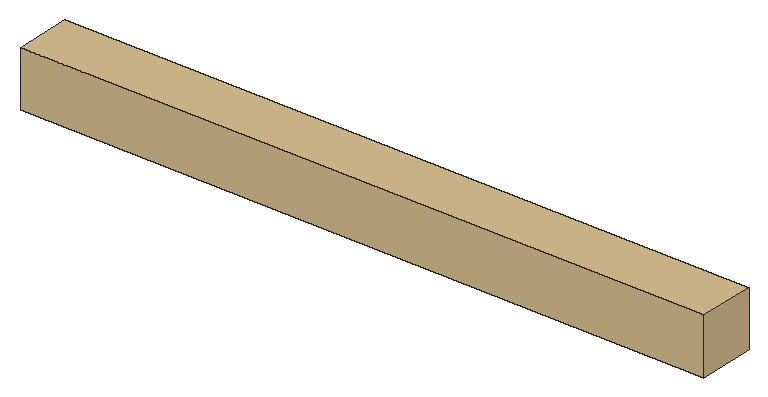
Revit family "DimensionalLumber-Joists_Humboldt", category Structural Framing, Revit 2026
Family settings
  Section Shape = Not Defined
  Material for Model Behavior = Wood
  Always export as geometry = No
  Classification Number = 23.25.30.11.14.14
  Always vertical = Yes
  Cut with Voids When Loaded = No
  Symbolic Representation = From Project Settings
  Shared = No
  Show family pre-cut in plan views = Yes
Parameters (values of type "Douglas Fir - Rough - Full Sawn - 8X8")
  d = 8.00"
  b = 8.00"
  URL = "http://www.arcat.com/arcatcos/cos49/arc49314.html"
  Type Comments = "-"
  Test Data = "http://www.arcat.com/catalogs/humboldt/span-chart/index.html?coid=49314"
  Tension (Ft) = "425"
  Structural Material = Humboldt Douglas Fir
  Specification = "http://www.arcat.com/sd/clients/humboldt.html?coid=49314"
  Shear (Fv) = "160"
  Send Message = "http://www.getredwood.com/contact-us/"
  Sales Information = "http://www.getredwood.com/contact-us/"
  Revision = "R1_04-2017"
  Product Data = "-"
  Modulus of Elasticity (MOE) = "1"
  Model = "1X4"
  Manufacturer Website = "http://www.getredwood.com/"
  Manufacturer Phone = "(707) 764-4472"
  Manufacturer Fax = "(707) 764-4444 � Fax"
  Manufacturer Address = "125 Main Street P.O. Box 565 Scotia, CA 95565"
  Manufacturer = "Humboldt Redwood"
  Lumber Grade = "No. 2 Open Grain (OG)No. 2 Open Grain (OG)"
  Length [instance] = 120.00"
  Keynote = "06 13 00"
  Green Building-LEED = "http://www.arcat.com/green/clients/cos49/leed_product_credits_49314_172508.html"
  Fire Rating = "-"
  Expected Lifespan (Years) = 0
  Drawn By = "Sumex Design, Inc. / Robert S. Weygant, CSI, CDT, SCIP"
  Description = "Humboldt 1X4 - Smooth Grain Dimensional Joist"
  Cost = 0
  Copyright = "2016 ARCAT, Inc."
  Compression (Perpendicular) = "425"
  Compression (Parallel) = "700"
  Bending (Fb) = "725"
  Assembly Code = "B1010340"
Types (56): name | d | b | Structural Material
  Douglas Fir - Rough - Full Sawn - 8X8 | 8.00" | 8.00" | Humboldt Douglas Fir
  Douglas Fir - Rough - Full Sawn - 6X12 | 6.00" | 12.00" | Humboldt Douglas Fir
  Douglas Fir - Rough - Full Sawn - 6X10 | 6.00" | 10.00" | Humboldt Douglas Fir
  Douglas Fir - Rough - Full Sawn - 6X8 | 6.00" | 8.00" | Humboldt Douglas Fir
  Douglas Fir - Rough - Full Sawn - 6X6 | 6.00" | 6.00" | Humboldt Douglas Fir
  Douglas Fir - Rough - Full Sawn - 4X8 | 3.75" | 7.875" | Humboldt Douglas Fir
  Douglas Fir - Rough - Full Sawn - 4X6 | 3.75" | 5.875" | Humboldt Douglas Fir
  Douglas Fir - Rough - 2X6 | 1.75" | 5.875" | Humboldt Douglas Fir
  Douglas Fir - Rough - 2X4 | 1.75" | 3.75" | Humboldt Douglas Fir
  Douglas Fir - Surfaced 4 Sides - 6X12 | 5.50" | 11.50" | Humboldt Douglas Fir
  Douglas Fir - Surfaced 4 Sides - 6X10 | 5.50" | 9.50" | Humboldt Douglas Fir
  Douglas Fir - Surfaced 4 Sides - 6X8 | 5.50" | 7.50" | Humboldt Douglas Fir
  Douglas Fir - Surfaced 4 Sides - 6X6 | 5.50" | 5.50" | Humboldt Douglas Fir
  Douglas Fir - Surfaced 4 Sides - 4X12 | 3.562" | 11.50" | Humboldt Douglas Fir
  Douglas Fir - Surfaced 4 Sides - 4X10 | 3.562" | 9.50" | Humboldt Douglas Fir
  Douglas Fir - Surfaced 4 Sides - 4X8 | 3.562" | 7.50" | Humboldt Douglas Fir
  Douglas Fir - Surfaced 4 Sides - 4X6 | 3.562" | 5.625" | Humboldt Douglas Fir
  Douglas Fir - Surfaced 4 Sides - 4X4 | 3.562" | 3.562" | Humboldt Douglas Fir
  Douglas Fir - Surfaced 4 Sides - 3X6 | 2.563" | 5.625" | Humboldt Douglas Fir
  Douglas Fir - Surfaced 4 Sides - 2X12 | 1.50" | 11.50" | Humboldt Douglas Fir
  Douglas Fir - Surfaced 4 Sides - 2X10 | 1.50" | 9.50" | Humboldt Douglas Fir
  Douglas Fir - Surfaced 4 Sides - 2X8 | 1.50" | 7.50" | Humboldt Douglas Fir
  Douglas Fir - Surfaced 4 Sides - 2X6 | 1.50" | 5.50" | Humboldt Douglas Fir
  Douglas Fir - Surfaced 4 Sides - 2X4 | 1.50" | 3.50" | Humboldt Douglas Fir
  Redwood - Rough - 8X8 | 7.875" | 7.875" | Humboldt Redwood
  Redwood - Rough - 6X12 | 5.875" | 11.875" | Humboldt Redwood
  Redwood - Rough - 6X10 | 5.875" | 9.875" | Humboldt Redwood
  Redwood - Rough - 6X8 | 5.875" | 7.875" | Humboldt Redwood
  Redwood - Rough - 6X6 | 5.875" | 5.875" | Humboldt Redwood
  Redwood - Rough - 4X12 | 3.75" | 11.75" | Humboldt Redwood
  Redwood - Rough - 4X10 | 3.75" | 9.75" | Humboldt Redwood
  Redwood - Rough - 4X8 | 3.75" | 7.75" | Humboldt Redwood
  Redwood - Rough - 4X6 | 3.75" | 5.75" | Humboldt Redwood
  Redwood - Rough - 4X4 | 3.75" | 3.75" | Humboldt Redwood
  Redwood - Surfaced 4 Sides - 8X8 | 7.50" | 7.50" | Humboldt Redwood
  Redwood - Surfaced 4 Sides - 6X12 | 5.50" | 11.50" | Humboldt Redwood
  Redwood - Surfaced 4 Sides - 6X10 | 5.50" | 9.50" | Humboldt Redwood
  Redwood - Surfaced 4 Sides - 6X8 | 5.50" | 7.50" | Humboldt Redwood
  Redwood - Surfaced 4 Sides - 6X6 | 5.50" | 5.50" | Humboldt Redwood
  Redwood - Surfaced 4 Sides - 4X12 | 3.50" | 11.50" | Humboldt Redwood
  Redwood - Surfaced 4 Sides - 4X10 | 3.50" | 9.50" | Humboldt Redwood
  Redwood - Surfaced 4 Sides - 4X8 | 3.50" | 7.50" | Humboldt Redwood
  Redwood - Surfaced 4 Sides - 4X6 | 3.50" | 5.50" | Humboldt Redwood
  Redwood - Surfaced 4 Sides - 4X4 | 3.50" | 3.50" | Humboldt Redwood
  Redwood - Surfaced 2 sides - 2X12 | 1.656" | 11.25" | Humboldt Redwood
  Redwood - Surfaced 2 sides - 2X8 | 1.656" | 7.25" | Humboldt Redwood
  Redwood - Surfaced 2 sides - 2X6 | 1.656" | 5.50" | Humboldt Redwood
  Redwood - Surfaced 2 sides - 2X4 | 1.656" | 3.50" | Humboldt Redwood
  Redwood - Rough - 2X12 | 1.75" | 11.875" | Humboldt Redwood
  Redwood - Rough - 2X8 | 1.75" | 7.875" | Humboldt Redwood
  Redwood - Rough - 2X6 | 1.75" | 5.875" | Humboldt Redwood
  Redwood - Rough - 2X4 | 1.75" | 3.875" | Humboldt Redwood
  Redwood - Surfaced 4 Sides - 2X12 | 1.50" | 11.25" | Humboldt Redwood
  Redwood - Surfaced 4 Sides - 2X8 | 1.50" | 7.25" | Humboldt Redwood
  Redwood - Surfaced 4 Sides - 2X6 | 1.50" | 5.50" | Humboldt Redwood
  Redwood - Surfaced 4 Sides - 2X4 | 1.50" | 3.50" | Humboldt Redwood
Reference planes (in)
  plane 1 "Center (Front/Back)": y = 0
  plane 2 "Center El.": z = 0
  plane 3 "Center (Left/Right)": x = 0
  plane 4 "Left": x = -60
  plane 5 "Member Left": x = -50
  plane 6 "Right": x = 60
  plane 7 "Member Right": x = 48
  plane 8: y = 4
  plane 9: y = -4
  plane 10: z = 4
  plane 11: z = -4
Forms (in)
  Extrusion 1, solid, material "Humboldt Douglas Fir" <- "Structural Material", detail levels medium+fine
    sketch origin (0, 0, 0) x (0, 1, 0) y (0, 0, 1)
      loop
        line (4, 4) -> (-4, 4) -> (-4, -4) -> (4, -4) -> (4, 4)
    from -50 to 48
Lines and regions (in)
  model lines, style "Stick Symbols", detail levels coarse
    curve 1: line (-45, 0, 0) -> (45, 0, 0)
  symbolic lines, style "Stick Symbols", detail levels coarse
    curve 2: line (-50, 0, 0) -> (48, 0, 0)
  symbolic lines, style "Stick Symbols"
    curve 3: line (0, -4, 4) -> (0, 4, -4)
    curve 4: line (0, 4, -4) -> (0, -4, -4)
    curve 5: line (0, -4, -4) -> (0, -4, 4)
    curve 6: line (0, 4, 4) -> (0, -4, -4)
    curve 7: line (0, 4, -4) -> (0, 4, 4)
    curve 8: line (0, -4, 4) -> (0, 4, 4)
Dimensions and locks (in)
  equal spacing: plane 4 "Left", plane 3 "Center (Left/Right)", plane 6 "Right"
  "Length": plane 4 "Left" to plane 6 "Right"
  "d": plane 8 to plane 9
  equal spacing: plane 8, plane 1 "Center (Front/Back)", plane 9
  "b": plane 10 to plane 11
  equal spacing: plane 10, level, plane 11
  aligned and locked: level to plane 2 "Center El."
  aligned and locked: Extrusion 1 sketch curve to plane 8
  aligned and locked: plane 10 to Extrusion 1
  aligned and locked: Extrusion 1 to plane 11
  aligned and locked: plane 5 "Member Left" to Extrusion 1
  aligned and locked: Extrusion 1 to plane 7 "Member Right"
  aligned and locked: plane 1 "Center (Front/Back)" to curve 2
  aligned and locked: curve 2 to Extrusion 1  (x2)
  aligned and locked: plane 10 to curve 8
  aligned and locked: curve 5 to plane 9
  aligned and locked: curve 7 to plane 8
  aligned and locked: curve 4 to plane 11
Automatic sketch dimensions
  Extrusion 1 sketch curve to plane 9 = 0.00"
  Extrusion 1 sketch curve to plane 10 = 0.00"
  plane 11 to Extrusion 1 sketch curve = 0.00"
  plane 1 "Center (Front/Back)" to curve 1 = 0.00"
  curve 2 to curve 1 = 5.00"
  plane 7 "Member Right" to curve 1 = 3.00"
